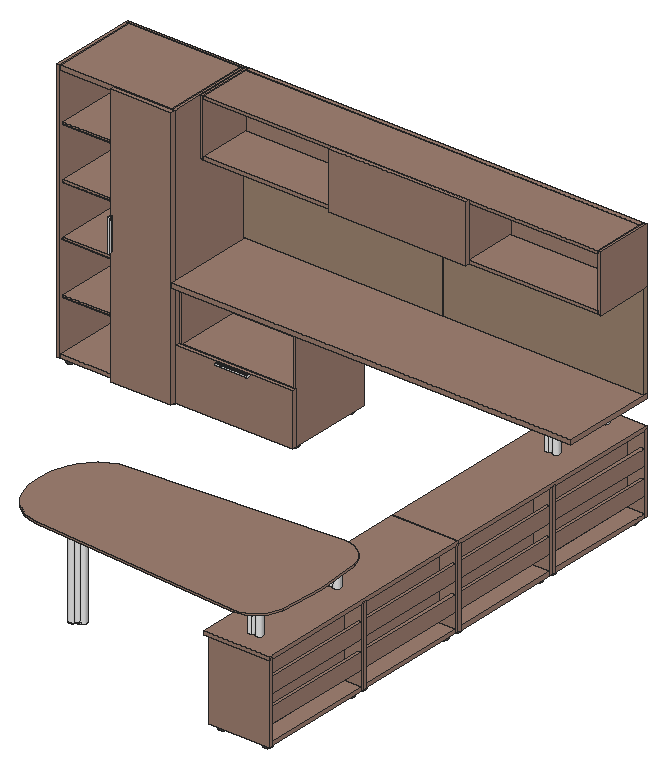
Revit family "APTOS TYPICAL APTOS007", category Furniture, Revit 2015 (continued)
Definition of nested family "APTOS LOW HEIGHT MODULAR PEDESTAL OPEN 18IN Depth"
  Forms (in)
    Extrusion 3, solid, material <- "Board Material"
      sketch origin (0, 0, 0) x (1, 0, 0) y (0, 1, 0)
        loop
          line (-17.25, 0) -> (-17.25, -15.5) -> (17.25, -15.5) -> (17.25, 0) -> (-17.25, 0)
      from 1.5 to 2.5
    Revolve 4, solid, material <- "Leg Caps Material"
      sketch origin (0, -2, 0) x (-1, 0, 0) y (0, 0, 1)
        loop
          line (15, 0.28743) -> (15.5, 0.28743)
          arc (15.5, 0.28743) -> (15.35629, 0.14371) -> (15.5, 0) r 0.14371
          line (15.5, 0) -> (16, 0) -> (16, 1.5) -> (15, 1.5) -> (15, 0.28743)
        axis (16, 1.5) -> (16, 0)
      angle from 0 to 360
    Revolve 5, solid, material <- "Leg Caps Material"
      sketch origin (0, -2, 0) x (1, 0, 0) y (0, 0, -1)
        loop
          line (15, -0.28743) -> (15, -1.5) -> (16, -1.5) -> (16, 0) -> (15.5, 0)
          arc (15.5, 0) -> (15.35629, -0.14371) -> (15.5, -0.28743) r 0.14371
          line (15.5, -0.28743) -> (15, -0.28743)
        axis (16, -1.5) -> (16, 0)
      angle from 0 to 360
    Revolve 6, solid, material <- "Leg Caps Material"
      sketch origin (0, -13.5, 0) x (-1, 0, 0) y (0, 0, -1)
        loop
          line (15, -0.28743) -> (15, -1.5) -> (16, -1.5) -> (16, 0) -> (15.5, 0)
          arc (15.5, 0) -> (15.35629, -0.14371) -> (15.5, -0.28743) r 0.14371
          line (15.5, -0.28743) -> (15, -0.28743)
        axis (16, -1.5) -> (16, 0)
      angle from 0 to 360
    Revolve 7, solid, material <- "Leg Caps Material"
      sketch origin (0, -13.5, 0) x (1, 0, 0) y (0, 0, 1)
        loop
          line (15, 0.28743) -> (15.5, 0.28743)
          arc (15.5, 0.28743) -> (15.35629, 0.14371) -> (15.5, 0) r 0.14371
          line (15.5, 0) -> (16, 0) -> (16, 1.5) -> (15, 1.5) -> (15, 0.28743)
        axis (16, 1.5) -> (16, 0)
      angle from 0 to 360
    Extrusion 8, solid, material <- "Board Material"
      sketch origin (0, 27.875, 0) x (1, 0, 0) y (0, 1, 0)
        loop
          line (-17.25, -32.3125) -> (-17.25, -33.0625) -> (17.25, -33.0625) -> (17.25, -32.3125) -> (-17.25, -32.3125)
      from 2.5 to 20.7495
    Extrusion 9, solid, material <- "Board Material"
      sketch origin (0, 0, 0) x (0, 1, 0) y (0, 0, 1)
        loop
          line (-5.1875, 15.5) -> (-14.75, 15.5) -> (-14.75, 15.125) -> (-14.125, 14.625) -> (-5.1875, 14.625) -> (-5.1875, 15.5)
      from -17.25 to 17.25
    Extrusion 10, solid, material <- "Board Material"
      sketch origin (0, 0, 0) x (0, 1, 0) y (0, 0, 1)
        loop
          line (-9.07873, 21.5) -> (-13.13675, 21.5) -> (-13.13675, 20.7495) -> (-9.07873, 20.7495) -> (-9.07873, 21.5)
        loop
          line (-1.05541, 21.5) -> (-5.1875, 21.5) -> (-5.1875, 20.7495) -> (-1.05541, 20.7495) -> (-1.05541, 21.5)
        loop
          line (0, 17.312) -> (-0.75, 17.312) -> (-0.75, 13.437) -> (0, 13.437) -> (0, 17.312)
        loop
          line (0, 10.3745) -> (-0.75, 10.3745) -> (-0.75, 6.437) -> (0, 6.437) -> (0, 10.3745)
      from -17.25 to 17.25
  Dimensions and locks (in)
    equal spacing: plane 4 "Left End", plane 3 "Center Left/Right", plane 6 "Right End"
    "Width": plane 4 "Left End" to plane 6 "Right End"
    "Height": plane 8 "Height Top" to level
    "Board Thick Sides": plane 4 "Left End" to plane 9
    "Board Thick Sides": plane 10 to plane 6 "Right End"
    "Board Thick Shelfs": plane 12 to plane 11
    "Board Thick Top and Bot": plane 14 to plane 13
    "Bottom Board Offset": plane 13 to level
    "Board Thick Front": plane 15 to plane 5 "Front End"
    "Leg Offset": plane 18 to plane 5 "Front End"
    "Leg Offset": plane 19 to plane 5 "Front End"
    "Leg Offset": plane 16 to plane 7 "Back End"
    "Leg Offset": plane 17 to plane 7 "Back End"
    "Leg Offset": plane 4 "Left End" to plane 20
    "Leg Offset": plane 21 to plane 6 "Right End"
    "Leg Offset": plane 22 to plane 6 "Right End"
    "Leg Offset": plane 4 "Left End" to plane 23
    "Shelf Height": plane 12 to plane 14
    "Handle Lengh": plane 24 to plane 25
    "Board Thick Back": plane 26 to plane 1 "Center Front/Back"
    "Depth": plane 5 "Front End" to plane 1 "Center Front/Back"
    equal spacing: plane 24, plane 3 "Center Left/Right", plane 25
    "Board Thick Top": plane 8 "Height Top" to plane 27
    "Board Thick Back": plane 29 to plane 28
    aligned and locked: level to plane 2
    aligned and locked: plane 5 "Front End" to Extrusion 1 sketch curve
    aligned and locked: plane 4 "Left End" to Extrusion 1 sketch curve
    aligned and locked: Extrusion 1 sketch curve to plane 9
    aligned and locked: Extrusion 2 to plane 5 "Front End"
    aligned and locked: plane 10 to Extrusion 2
    aligned and locked: Extrusion 2 to plane 6 "Right End"
    aligned and locked: plane 13 to Extrusion 2
    aligned and locked: plane 10 to Extrusion 3 sketch curve
    aligned and locked: plane 9 to Extrusion 3 sketch curve
    aligned and locked: plane 17 to Revolve 4
    aligned and locked: Revolve 5 to plane 16
    aligned and locked: plane 19 to Revolve 7
    aligned and locked: Revolve 6 to plane 18
    aligned and locked: Extrusion 3 to plane 14
    aligned and locked: Extrusion 3 to plane 13
    aligned and locked: Extrusion 1 to plane 1 "Center Front/Back"
    aligned and locked: Extrusion 2 to plane 1 "Center Front/Back"
    aligned and locked: Extrusion 3 to plane 1 "Center Front/Back"
    aligned and locked: Extrusion 1 to plane 13
    aligned and locked: plane 8 "Height Top" to Extrusion 1
    aligned and locked: plane 8 "Height Top" to Extrusion 2
    aligned and locked: Extrusion 8 to plane 10
    aligned and locked: Extrusion 8 to plane 9
    aligned and locked: Extrusion 8 to Extrusion 3
    aligned and locked: Extrusion 9 to plane 9
    aligned and locked: Extrusion 9 to plane 10
    aligned and locked: Extrusion 8 to plane 28
    aligned and locked: plane 29 to Extrusion 8
    aligned and locked: Extrusion 8 to plane 27
    aligned and locked: plane 7 "Back End" to Extrusion 10 sketch curve  (x2)
    aligned and locked: plane 26 to Extrusion 10 sketch curve  (x2)
    aligned and locked: Extrusion 10 sketch curve to plane 8 "Height Top"  (x2)
    aligned and locked: Extrusion 10 sketch curve to plane 27  (x2)
    aligned and locked: plane 28 to Extrusion 10 sketch curve
    aligned and locked: Extrusion 10 to plane 9
    aligned and locked: Extrusion 10 to plane 10
    aligned and locked: Extrusion 9 sketch curve to plane 12
    aligned and locked: plane 11 to Extrusion 9 sketch curve
    aligned and locked: Extrusion 9 sketch curve to plane 28
    aligned and locked: Extrusion 9 sketch curve to plane 15
  Automatic sketch dimensions
    plane 1 "Center Front/Back" to Extrusion 1 sketch curve = 0"
    Extrusion 2 sketch curve to plane 5 "Front End" = 0"
    Extrusion 2 sketch curve to plane 6 "Right End" = 0"
    Extrusion 2 sketch curve to plane 10 = 0"
    plane 1 "Center Front/Back" to Extrusion 2 sketch curve = 0"
    Extrusion 3 sketch curve to plane 5 "Front End" = 0"
    plane 1 "Center Front/Back" to Extrusion 3 sketch curve = 0"
    Revolve 4 sketch curve to plane 13 = 0"
    Revolve 4 sketch curve to level = 0"
    plane 20 to Revolve 4 sketch curve = 0"  (x2)
    level to Revolve 4 sketch curve = 0.28743"
    Revolve 4 sketch curve to Revolve 4 sketch curve = 1/2"  (x3)
    Revolve 4 sketch curve to Revolve 4 sketch curve = 0"
    level to Revolve 4 sketch curve = 0.14371"
    Revolve 4 sketch curve to plane 14 = 1/4"
    Revolve 5 sketch curve to plane 13 = 0"
    Revolve 5 sketch curve to level = 0"
    Revolve 5 sketch curve to plane 21 = 0"  (x2)
    level to Revolve 5 sketch curve = 0.28743"
    Revolve 5 sketch curve to Revolve 5 sketch curve = 1/2"  (x2)
    Revolve 5 sketch curve to Revolve 5 sketch curve = 0"  (x2)
    Revolve 5 sketch curve to plane 14 = 1/4"
    Revolve 5 sketch curve to level = 1/2"
    Revolve 6 sketch curve to plane 13 = 0"
    Revolve 6 sketch curve to level = 0"
    plane 20 to Revolve 6 sketch curve = 0"  (x2)
    level to Revolve 6 sketch curve = 0.28743"
    Revolve 6 sketch curve to plane 20 = 1/2"
    Revolve 6 sketch curve to Revolve 6 sketch curve = 1/2"
    Revolve 6 sketch curve to Revolve 6 sketch curve = 0"  (x2)
    Revolve 6 sketch curve to plane 14 = 1/4"
    Revolve 6 sketch curve to level = 1/2"
    Revolve 7 sketch curve to plane 13 = 0"
    Revolve 7 sketch curve to level = 0"
    Revolve 7 sketch curve to plane 21 = 0"  (x2)
    level to Revolve 7 sketch curve = 0.28743"
    Revolve 7 sketch curve to plane 21 = 1/2"
    Revolve 7 sketch curve to Revolve 7 sketch curve = 1/2"  (x2)
    Revolve 7 sketch curve to Revolve 7 sketch curve = 0"
    level to Revolve 7 sketch curve = 0.14371"
    Revolve 7 sketch curve to plane 14 = 1/4"
    plane 4 "Left End" to Extrusion 8 sketch curve = 3/4"
    plane 6 "Right End" to Extrusion 8 sketch curve = 3/4"
    Extrusion 8 sketch curve to plane 26 = 4 7/16"
    plane 1 "Center Front/Back" to Extrusion 8 sketch curve = 4 7/16"
    Extrusion 10 sketch curve to plane 18 = 0.36325"
    plane 14 to Extrusion 10 sketch curve = 3.937"
    Extrusion 10 sketch curve to Extrusion 10 sketch curve = 4.05803"
    Extrusion 10 sketch curve to plane 26 = 0.30541"
    Extrusion 10 sketch curve to plane 11 = 4.2505"
    Extrusion 10 sketch curve to plane 11 = 1.188"
    plane 12 to Extrusion 10 sketch curve = 1.812"
    plane 18 to Extrusion 9 sketch curve = 5/8"
    Extrusion 9 sketch curve to plane 12 = 3/8"
Definition of nested family "APTOS MODULAR CABINET TOP"
  Parameters
    Width = 96"
    URL = "http://ofsbrands.com"
    Table Material = none
    Depth = 24"
    Model = "34-9624MCT"
    Manufacturer = "OFS"
    Height = 1 3/16"
    Description = "OFS BRANDS OFS APTOS APTOS MODULAR CABINET TOP 96\" x 24\", 1.1875\" thick with Square Profile on User Side"
    Copyright © = "© OFS BRANDS 2017"
    Catalog = "APTOS http://ofsbrands.com/products/casegoods/private-office/aptos"
    Bottom Board Offset = 28 5/16"
    Authoring Version = "Autodesk Revit Architecture 2013"
    Assembly Code = "E2020200"
  Reference planes (in)
    plane 1 "Back End": y = -12
    plane 2: z = 0
    plane 3 "Center Left/Right": x = 0
    plane 4 "Left End": x = -48
    plane 5 "Front End": y = -36
    plane 6 "Right End": x = 48
    plane 7 "Height Top": z = 29.5
    plane 8: z = 28.3125
    plane 9 "Center Front/Back": y = -24
  Forms (in)
    Extrusion 1, solid, material <- "Table Material"
      sketch origin (0, 0, 0) x (1, 0, 0) y (0, 1, 0)
        loop
          line (-48, -12) -> (-48, -36) -> (48, -36) -> (48, -12) -> (-48, -12)
      from 28.3125 to 29.5
  Dimensions and locks (in)
    "Height": plane 7 "Height Top" to plane 8
    "Bottom Board Offset": plane 8 to level
    "Depth": plane 5 "Front End" to plane 1 "Back End"
    equal spacing: plane 4 "Left End", plane 3 "Center Left/Right", plane 6 "Right End"
    "Width": plane 4 "Left End" to plane 6 "Right End"
    equal spacing: plane 5 "Front End", plane 9 "Center Front/Back", plane 1 "Back End"
    aligned and locked: level to plane 2
    aligned and locked: plane 1 "Back End" to Extrusion 1 sketch curve
    aligned and locked: Extrusion 1 sketch curve to plane 4 "Left End"
    aligned and locked: Extrusion 1 sketch curve to plane 5 "Front End"
    aligned and locked: plane 6 "Right End" to Extrusion 1 sketch curve
    aligned and locked: Extrusion 1 to plane 7 "Height Top"
    aligned and locked: Extrusion 1 to plane 8
Definition of nested family "APTOS WORKSURFACE HEIGHT MODULAR PEDESTAL OPEN-FILE 30-36IN"
  Parameters
    Width = 30"
    URL = "http://ofsbrands.com"
    Shelf Height = 13 3/16"
    Handle Lengh = 8 1/8"
    Drawer Gap = 1/8"
    Door Handle Material = none
    Board Thick Top = 3/4"
    Board Thick Door = 1 1/8"
    Depth = 22 5/8"
    Board Material = none
    Model = "34-W3024MPD9"
    Manufacturer = "OFS"
    Leg Caps Material = none
    Leg Offset = 2"
    Height = 28 5/16"
    Description = "APTOS WORKSURFACE HEIGHT MODULAR PEDESTAL OPEN-FILE 30\" Width, 24\" Depth, One Open Shelf with 11.9375\" Clearance, One Lateral File Drawer"
    Copyright © = "© OFS BRANDS 2017"
    Catalog = "APTOS http://ofsbrands.com/products/casegoods/private-office/aptos"
    Bottom Board Offset = 1 1/2"
    Board Thick Bot = 1"
    Board Thick Shelfs = 1"
    Board Thick Sides = 3/4"
    Board Thick Front = 3/4"
    Board Thick Back = 3/4"
    Authoring Version = "Autodesk Revit Architecture 2013"
    Assembly Code = "E2020200"
  Reference planes (in)
    plane 1 "Center Front/Back": y = 0
    plane 2: z = 0
    plane 3 "Center Left/Right": x = 0
    plane 4 "Left End": x = -15
    plane 5 "Front End": y = -21.5
    plane 6 "Right End": x = 15
    plane 7 "Back End": y = 0
    plane 8: x = -14.25
    plane 9: x = 14.25
    plane 10: z = 14.6875
    plane 11: z = 15.6875
    plane 12: z = 1.5
    plane 13: z = 2.5
    plane 14: y = -20.75
    plane 15: y = -2
    plane 16: y = -2
    plane 17: y = -19.5
    plane 18: y = -19.5
    plane 19: x = -13
    plane 20: x = 13
    plane 21: x = 13
    plane 22: x = -13
    plane 23: y = -22.625
    plane 24: z = 14.8125
    plane 25: x = -4.0625
    plane 26: x = 4.0625
    plane 27: y = -0.75
    plane 28: z = 28.3125
    plane 29: z = 27.5625
    plane 30: z = 13.6875
  Forms (in)
    Extrusion 1, solid, material <- "Board Material"
      sketch origin (0, 0, 0) x (1, 0, 0) y (0, 1, 0)
        loop
          line (-15, 0) -> (-15, -21.5) -> (-14.25, -21.5) -> (-14.25, 0) -> (-15, 0)
      from 1.5 to 28.3125
    Extrusion 2, solid, material <- "Board Material"
      sketch origin (0, 0, 0) x (-1, 0, 0) y (0, -1, 0)
        loop
          line (-15, 0) -> (-14.25, 0) -> (-14.25, 21.5) -> (-15, 21.5) -> (-15, 0)
      from 1.5 to 28.3125
    Extrusion 3, solid, material <- "Board Material"
      sketch origin (0, 0, 0) x (1, 0, 0) y (0, 1, 0)
        loop
          line (-14.25, 0) -> (-14.25, -21.5) -> (14.25, -21.5) -> (14.25, 0) -> (-14.25, 0)
      from 1.5 to 2.5
    Revolve 4, solid, material <- "Leg Caps Material"
      sketch origin (0, -2, 0) x (-1, 0, 0) y (0, 0, 1)
        loop
          line (12, 0.28743) -> (12.5, 0.28743)
          arc (12.5, 0.28743) -> (12.35629, 0.14371) -> (12.5, 0) r 0.14371
          line (12.5, 0) -> (13, 0) -> (13, 1.5) -> (12, 1.5) -> (12, 0.28743)
        axis (13, 1.5) -> (13, 0)
      angle from 0 to 360
    Revolve 5, solid, material <- "Leg Caps Material"
      sketch origin (0, -2, 0) x (1, 0, 0) y (0, 0, -1)
        loop
          line (12, -0.28743) -> (12, -1.5) -> (13, -1.5) -> (13, 0) -> (12.5, 0)
          arc (12.5, 0) -> (12.35629, -0.14371) -> (12.5, -0.28743) r 0.14371
          line (12.5, -0.28743) -> (12, -0.28743)
        axis (13, -1.5) -> (13, 0)
      angle from 0 to 360
    Revolve 6, solid, material <- "Leg Caps Material"
      sketch origin (0, -19.5, 0) x (-1, 0, 0) y (0, 0, -1)
        loop
          line (12, -0.28743) -> (12, -1.5) -> (13, -1.5) -> (13, 0) -> (12.5, 0)
          arc (12.5, 0) -> (12.35629, -0.14371) -> (12.5, -0.28743) r 0.14371
          line (12.5, -0.28743) -> (12, -0.28743)
        axis (13, -1.5) -> (13, 0)
      angle from 0 to 360
    Revolve 7, solid, material <- "Leg Caps Material"
      sketch origin (0, -19.5, 0) x (1, 0, 0) y (0, 0, 1)
        loop
          line (12, 0.28743) -> (12.5, 0.28743)
          arc (12.5, 0.28743) -> (12.35629, 0.14371) -> (12.5, 0) r 0.14371
          line (12.5, 0) -> (13, 0) -> (13, 1.5) -> (12, 1.5) -> (12, 0.28743)
        axis (13, 1.5) -> (13, 0)
      angle from 0 to 360
    Extrusion 8, solid, material <- "Board Material"
      sketch origin (0, 27.875, 0) x (1, 0, 0) y (0, 1, 0)
        loop
          line (-14.25, -27.875) -> (-14.25, -28.625) -> (14.25, -28.625) -> (14.25, -27.875) -> (-14.25, -27.875)
      from 20.312 to 24.312
    Extrusion 9, solid, material <- "Board Material"
      sketch origin (0, 0, 0) x (1, 0, 0) y (0, 1, 0)
        loop
          line (15, -21.5) -> (-15, -21.5) -> (-15, -22.625) -> (15, -22.625) -> (15, -21.5)
      from 1.5 to 14.6875
    Extrusion 10, solid, material <- "Door Handle Material"
      sketch origin (0, 7.01942, -2.70267) x (0, 1, 0) y (0, 0, 1)
        loop
          arc (-30.44863, 17.3872) -> (-30.63506, 17.20076) -> (-30.44863, 17.01433) r 0.18644
          arc (-30.44863, 17.01433) -> (-30.36853, 17.01913) -> (-30.28958, 17.03348) r 0.66994
          arc (-30.28958, 17.03348) -> (-30.06675, 17.06125) -> (-29.84329, 17.03915) r 1.01098
          arc (-29.84329, 17.03915) -> (-29.74439, 17.02301) -> (-29.64442, 17.01609) r 1.08212
          line (-29.64442, 17.01609) -> (-29.64442, 17.39017)
          arc (-29.64442, 17.39017) -> (-29.74475, 17.37561) -> (-29.84329, 17.35174) r 1.08374
          arc (-29.84329, 17.35174) -> (-30.06697, 17.32316) -> (-30.28958, 17.35914) r 0.78757
          arc (-30.28958, 17.35914) -> (-30.36779, 17.38063) -> (-30.44863, 17.3872) r 0.43385
      from -4.0625 to 4.0625
    Extrusion 11, solid, material <- "Board Material"
      sketch origin (0, 0.67064, 0) x (1, 0, 0) y (0, 1, 0)
        loop
          line (-14.25, -1.85814) -> (-14.25, -5.85814) -> (14.25, -5.85814) -> (14.25, -1.85814) -> (-14.25, -1.85814)
      from 28.3125 to 27.5625
    Extrusion 12, solid, material <- "Board Material"
      sketch origin (0, -19.875, 0) x (1, 0, 0) y (0, 1, 0)
        loop
          line (-14.25, 4.75) -> (-14.25, 0.7511) -> (14.25, 0.7511) -> (14.25, 4.75) -> (-14.25, 4.75)
      from 28.3125 to 27.5625
    Extrusion 13, solid, material <- "Board Material"
      sketch origin (0, 27.875, -13.875) x (1, 0, 0) y (0, 1, 0)
        loop
          line (-14.25, -27.875) -> (-14.25, -28.625) -> (14.25, -28.625) -> (14.25, -27.875) -> (-14.25, -27.875)
      from 20.312 to 24.312
    Extrusion 14, solid, material <- "Board Material"
      sketch origin (0, 0, 0) x (0, 1, 0) y (0, 0, 1)
        loop
          line (-4.44535, 27.5625) -> (-5.19535, 27.5625) -> (-5.19535, 14.6875) -> (-21.5, 14.6875) -> (-21.5, 13.6875) -> (-5.19535, 13.6875) -> (-5.19535, 2.5) -> (-4.44535, 2.5) -> (-4.44535, 27.5625)
      from -14.25 to 14.25
  Dimensions and locks (in)
    equal spacing: plane 4 "Left End", plane 3 "Center Left/Right", plane 6 "Right End"
    "Width": plane 4 "Left End" to plane 6 "Right End"
    "Height": plane 28 to level
    "Board Thick Sides": plane 4 "Left End" to plane 8
    "Board Thick Sides": plane 9 to plane 6 "Right End"
    "Board Thick Shelfs": plane 11 to plane 10
    "Board Thick Bot": plane 13 to plane 12
    "Bottom Board Offset": plane 12 to level
    "Board Thick Front": plane 14 to plane 5 "Front End"
    "Leg Offset": plane 17 to plane 5 "Front End"
    "Leg Offset": plane 18 to plane 5 "Front End"
    "Leg Offset": plane 15 to plane 7 "Back End"
    "Leg Offset": plane 16 to plane 7 "Back End"
    "Leg Offset": plane 4 "Left End" to plane 19
    "Leg Offset": plane 20 to plane 6 "Right End"
    "Leg Offset": plane 21 to plane 6 "Right End"
    "Leg Offset": plane 4 "Left End" to plane 22
    "Board Thick Door": plane 23 to plane 5 "Front End"
    "Shelf Height": plane 11 to plane 13
    "Drawer Gap": plane 24 to plane 10
    "Handle Lengh": plane 25 to plane 26
    "Board Thick Back": plane 27 to plane 1 "Center Front/Back"
    "Depth": plane 23 to plane 1 "Center Front/Back"
    equal spacing: plane 25, plane 3 "Center Left/Right", plane 26
    "Board Thick Top": plane 28 to plane 29
    "Board Thick Shelfs": plane 10 to plane 30
    aligned and locked: level to plane 2
    aligned and locked: plane 5 "Front End" to Extrusion 1 sketch curve
    aligned and locked: plane 4 "Left End" to Extrusion 1 sketch curve
    aligned and locked: Extrusion 1 sketch curve to plane 8
    aligned and locked: Extrusion 2 to plane 5 "Front End"
    aligned and locked: plane 9 to Extrusion 2
    aligned and locked: Extrusion 2 to plane 6 "Right End"
    aligned and locked: Extrusion 2 to plane 12
    aligned and locked: plane 9 to Extrusion 3 sketch curve
    aligned and locked: Extrusion 3 sketch curve to plane 8
    aligned and locked: plane 16 to Revolve 4
    aligned and locked: Revolve 5 to plane 15
    aligned and locked: plane 18 to Revolve 7
    aligned and locked: plane 17 to Revolve 6
    aligned and locked: plane 13 to Extrusion 3
    aligned and locked: Extrusion 3 to plane 12
    aligned and locked: Extrusion 9 to plane 12
    aligned and locked: Extrusion 9 to plane 6 "Right End"
    aligned and locked: Extrusion 9 to plane 10
    aligned and locked: Extrusion 10 to plane 26
    aligned and locked: Extrusion 10 to plane 25
    aligned and locked: Extrusion 8 to plane 27
    aligned and locked: Extrusion 8 to plane 1 "Center Front/Back"
    aligned and locked: Extrusion 1 to plane 12
    aligned and locked: Extrusion 9 to plane 4 "Left End"
    aligned and locked: plane 28 to Extrusion 2
    aligned and locked: plane 28 to Extrusion 1
    aligned and locked: Extrusion 1 to plane 7 "Back End"
    aligned and locked: Extrusion 2 to plane 7 "Back End"
    aligned and locked: Extrusion 3 to plane 7 "Back End"
    aligned and locked: Extrusion 8 to plane 8
    aligned and locked: Extrusion 8 to plane 9
    aligned and locked: Extrusion 14 to plane 8
    aligned and locked: Extrusion 14 to plane 9
  Automatic sketch dimensions
    plane 1 "Center Front/Back" to Extrusion 1 sketch curve = 0"
    Extrusion 2 sketch curve to plane 5 "Front End" = 0"
    Extrusion 2 sketch curve to plane 6 "Right End" = 0"
    Extrusion 2 sketch curve to plane 9 = 0"
    plane 1 "Center Front/Back" to Extrusion 2 sketch curve = 0"
    Extrusion 3 sketch curve to plane 5 "Front End" = 0"
    plane 1 "Center Front/Back" to Extrusion 3 sketch curve = 0"
    Revolve 4 sketch curve to plane 12 = 0"
    Revolve 4 sketch curve to level = 0"
    plane 19 to Revolve 4 sketch curve = 0"  (x2)
    level to Revolve 4 sketch curve = 0.28743"
    Revolve 4 sketch curve to plane 19 = 1/2"
    Revolve 4 sketch curve to Revolve 4 sketch curve = 1/2"  (x2)
    Revolve 4 sketch curve to Revolve 4 sketch curve = 0"
    level to Revolve 4 sketch curve = 0.14371"
    Revolve 4 sketch curve to plane 13 = 1/4"
    Revolve 5 sketch curve to plane 12 = 0"
    Revolve 5 sketch curve to level = 0"
    Revolve 5 sketch curve to plane 20 = 0"  (x2)
    level to Revolve 5 sketch curve = 0.28743"
    Revolve 5 sketch curve to Revolve 5 sketch curve = 1/2"  (x3)
    Revolve 5 sketch curve to Revolve 5 sketch curve = 0"  (x2)
    Revolve 5 sketch curve to plane 13 = 1/4"
    Revolve 6 sketch curve to plane 12 = 0"
    Revolve 6 sketch curve to level = 0"
    plane 19 to Revolve 6 sketch curve = 0"  (x2)
    level to Revolve 6 sketch curve = 0.28743"
    Revolve 6 sketch curve to plane 19 = 1/2"
    Revolve 6 sketch curve to Revolve 6 sketch curve = 1/2"  (x2)
    Revolve 6 sketch curve to Revolve 6 sketch curve = 0"  (x2)
    Revolve 6 sketch curve to plane 13 = 1/4"
    Revolve 7 sketch curve to plane 12 = 0"
    Revolve 7 sketch curve to level = 0"
    Revolve 7 sketch curve to plane 20 = 0"  (x2)
    level to Revolve 7 sketch curve = 0.28743"
    Revolve 7 sketch curve to Revolve 7 sketch curve = 1/2"  (x3)
    Revolve 7 sketch curve to Revolve 7 sketch curve = 0"
    level to Revolve 7 sketch curve = 0.14371"
    Revolve 7 sketch curve to plane 13 = 1/4"
    Extrusion 8 sketch curve to plane 8 = 0"
    Extrusion 8 sketch curve to plane 9 = 0"
    Extrusion 8 sketch curve to plane 27 = 0"
    plane 1 "Center Front/Back" to Extrusion 8 sketch curve = 0"
    Extrusion 9 sketch curve to plane 4 "Left End" = 0"
    Extrusion 9 sketch curve to plane 6 "Right End" = 0"
    plane 23 to Extrusion 9 sketch curve = 0"
    Extrusion 9 sketch curve to plane 5 "Front End" = 0"
    Extrusion 10 sketch curve to plane 10 = 0"
    Extrusion 10 sketch curve to plane 23 = 0"
    Extrusion 10 sketch curve to plane 10 = 0.37408"
    plane 23 to Extrusion 10 sketch curve = 0.80421"
    Extrusion 10 sketch curve to Extrusion 10 sketch curve = 0.00546"
    Extrusion 10 sketch curve to plane 10 = 0.03103"
    Extrusion 10 sketch curve to Extrusion 10 sketch curve = 0.15905"  (x2)
    plane 23 to Extrusion 10 sketch curve = 0.4095"  (x2)
    Extrusion 10 sketch curve to plane 11 = 0.27955"
    Extrusion 10 sketch curve to plane 10 = 0.03843"
    plane 23 to Extrusion 10 sketch curve = 0.19887"
    Extrusion 10 sketch curve to plane 23 = 0.02468"
    Extrusion 10 sketch curve to plane 23 = 0.10528"
    Extrusion 10 sketch curve to Extrusion 10 sketch curve = 0.2612"
    Extrusion 10 sketch curve to Extrusion 10 sketch curve = 0.40575"
    Extrusion 10 sketch curve to Extrusion 10 sketch curve = 0.06095"
    Extrusion 10 sketch curve to Extrusion 10 sketch curve = 0"
    Extrusion 10 sketch curve to Extrusion 10 sketch curve = 0.01915"
    Extrusion 11 sketch curve to plane 8 = 0"
    Extrusion 11 sketch curve to plane 9 = 0"
    Extrusion 11 sketch curve to plane 15 = 3 3/16"
    Extrusion 11 sketch curve to plane 27 = 7/16"
    Extrusion 12 sketch curve to plane 8 = 0"
    Extrusion 12 sketch curve to plane 9 = 0"
    Extrusion 12 sketch curve to plane 17 = 0.3761"
    Extrusion 12 sketch curve to Extrusion 12 sketch curve = 3.9989"
    Extrusion 13 sketch curve to plane 8 = 0"
    Extrusion 13 sketch curve to plane 9 = 0"
    Extrusion 13 sketch curve to plane 27 = 0"
    plane 1 "Center Front/Back" to Extrusion 13 sketch curve = 0"
    Extrusion 14 sketch curve to plane 5 "Front End" = 0"
    plane 30 to Extrusion 14 sketch curve = 0"
    Extrusion 14 sketch curve to plane 13 = 0"
    Extrusion 14 sketch curve to plane 29 = 0"
    Extrusion 14 sketch curve to Extrusion 14 sketch curve = 3/4"
    Extrusion 14 sketch curve to plane 10 = 0"
    Extrusion 14 sketch curve to plane 15 = 3.19535"  (x2)
Definition of nested family "APTOS TALL OPEN STORAGE WITH HINGED DOOR 24IN DEPTH"
  Parameters
    Width = 36"
    URL = "http://ofsbrands.com"
    Handle Lengh = 8 1/4"
    Half Door Right = yes
    Half Door Left = no
    Half Door = yes
    Door Handle Material = none
    Board Thick Door = 1 1/8"
    Depth = 23 7/8"
    Board Material = none
    Model = "34-3668RSC1"
    Manufacturer = "OFS"
    Leg Caps Material = none
    Leg Offset = 2"
    Board Thick Internal = 3/4"
    Height = 68 1/4"
    Description = "OFS BRANDS OFS APTOS TALL OPEN STORAGE WITH HINGED DOOR 36\" Wide 24\" Planning Depth Single Hinged Door Right with Optional Pull, Coat Hook or Hang Rod,Three Adjustable 1\" Thick Shelves with Beveled Edge and One Fixed Shelf per Section"
    Copyright © = "© OFS BRANDS 2017"
    Catalog = "APTOS http://ofsbrands.com/products/casegoods/private-office/aptos"
    Bottom Board Offset = 1 1/2"
    Board Thick Top and Bot = 1"
    Board Thick Shelfs = 1"
    Board Thick Sides = 3/4"
    Board Thick Front = 3/4"
    Board Thick Back = 3/4"
    Authoring Version = "Autodesk Revit Architecture 2013"
    Assembly Code = "E2020200"
  Reference planes (in)
    plane 1 "Center Front/Back": y = 0
    plane 2: z = 0
    plane 3 "Center Left/Right": x = 0
    plane 4 "Left End": x = -18
    plane 5 "Front End": y = -22.75
    plane 6 "Right End": x = 18
    plane 7 "Back End": y = 0
    plane 8 "Height Top": z = 68.25
    plane 9: x = -17.25
    plane 10: x = 17.25
    plane 11: z = 14.65
    plane 12: z = 15.65
    plane 13: z = 67.25
    plane 14: z = 1.5
    plane 15: z = 2.5
    plane 16: y = -22
    plane 17: y = -2
    plane 18: y = -2
    plane 19: y = -20.75
    plane 20: y = -20.75
    plane 21: x = -16
    plane 22: x = 16
    plane 23: x = 16
    plane 24: x = -16
    plane 25: x = -0.375
    plane 26: x = 0.375
    plane 27: y = -23.875
    plane 28: y = -0.75
    plane 29: z = 27.8
    plane 30: z = 28.8
    plane 31: z = 40.95
    plane 32: z = 41.95
    plane 33: z = 54.1
    plane 34: z = 55.1
  Forms (in)
    Extrusion 1, solid, material <- "Board Material"
      sketch origin (0, 0, 0) x (1, 0, 0) y (0, 1, 0)
        loop
          line (-18, -0.75) -> (-18, -22.75) -> (-17.25, -22.75) -> (-17.25, -0.75) -> (-18, -0.75)
      from 1.5 to 68.25
    Extrusion 2, solid, material <- "Board Material"
      sketch origin (0, 0, 0) x (-1, 0, 0) y (0, -1, 0)
        loop
          line (-18, 0.75) -> (-17.25, 0.75) -> (-17.25, 22.75) -> (-18, 22.75) -> (-18, 0.75)
      from 1.5 to 68.25
    Extrusion 3, solid, material <- "Board Material"
      sketch origin (0, 0, 0) x (1, 0, 0) y (0, 1, 0)
        loop
          line (-17.25, -0.75) -> (-17.25, -22.75) -> (17.25, -22.75) -> (17.25, -0.75) -> (-17.25, -0.75)
      from 1.5 to 2.5
    Extrusion 4, solid, material <- "Board Material"
      sketch origin (0, 0, 0) x (1, 0, 0) y (0, 1, 0)
        loop
          line (-17.25, -0.75) -> (-17.25, -22.75) -> (17.25, -22.75) -> (17.25, -0.75) -> (-17.25, -0.75)
      from 67.25 to 68.25
    Revolve 5, solid, material <- "Leg Caps Material"
      sketch origin (0, -2, 0) x (-1, 0, 0) y (0, 0, 1)
        loop
          line (15, 0.28743) -> (15.5, 0.28743)
          arc (15.5, 0.28743) -> (15.35629, 0.14371) -> (15.5, 0) r 0.14371
          line (15.5, 0) -> (16, 0) -> (16, 1.5) -> (15, 1.5) -> (15, 0.28743)
        axis (16, 1.5) -> (16, 0)
      angle from 0 to 360
    Revolve 6, solid, material <- "Leg Caps Material"
      sketch origin (0, -2, 0) x (1, 0, 0) y (0, 0, -1)
        loop
          line (15, -0.28743) -> (15, -1.5) -> (16, -1.5) -> (16, 0) -> (15.5, 0)
          arc (15.5, 0) -> (15.35629, -0.14371) -> (15.5, -0.28743) r 0.14371
          line (15.5, -0.28743) -> (15, -0.28743)
        axis (16, -1.5) -> (16, 0)
      angle from 0 to 360
    Revolve 7, solid, material <- "Leg Caps Material"
      sketch origin (0, -20.75, 0) x (-1, 0, 0) y (0, 0, -1)
        loop
          line (15, -0.28743) -> (15, -1.5) -> (16, -1.5) -> (16, 0) -> (15.5, 0)
          arc (15.5, 0) -> (15.35629, -0.14371) -> (15.5, -0.28743) r 0.14371
          line (15.5, -0.28743) -> (15, -0.28743)
        axis (16, -1.5) -> (16, 0)
      angle from 0 to 360
    Revolve 8, solid, material <- "Leg Caps Material"
      sketch origin (0, -20.75, 0) x (1, 0, 0) y (0, 0, 1)
        loop
          line (15, 0.28743) -> (15.5, 0.28743)
          arc (15.5, 0.28743) -> (15.35629, 0.14371) -> (15.5, 0) r 0.14371
          line (15.5, 0) -> (16, 0) -> (16, 1.5) -> (15, 1.5) -> (15, 0.28743)
        axis (16, 1.5) -> (16, 0)
      angle from 0 to 360
    Extrusion 9, solid, material <- "Board Material"
      sketch origin (0, 0, 0) x (1, 0, 0) y (0, 1, 0)
        loop
          line (-0.375, -0.75) -> (-0.375, -22.75) -> (0.375, -22.75) -> (0.375, -0.75) -> (-0.375, -0.75)
      from 2.5 to 67.25
    Extrusion 10, solid, material <- "Board Material", visible <- "Half Door Left"
      sketch origin (0, 0, 0) x (1, 0, 0) y (0, 1, 0)
        loop
          line (0.375, -22.75) -> (-18, -22.75) -> (-18, -23.875) -> (0.375, -23.875) -> (0.375, -22.75)
      from 1.5 to 68.25
    Extrusion 11, solid, material <- "Board Material"
      sketch origin (0, 27.875, 0) x (1, 0, 0) y (0, 1, 0)
        loop
          line (-18, -27.875) -> (-18, -28.625) -> (18, -28.625) -> (18, -27.875) -> (-18, -27.875)
      from 1.5 to 68.25
    Extrusion 12, solid, material <- "Board Material", visible <- "Half Door Right"
      sketch origin (0, 0, -0.0375) x (0, 1, 0) y (0, 0, 1)
        loop
          line (-0.75, 15.6875) -> (-22, 15.6875) -> (-22, 15.1875) -> (-21.5, 14.6875) -> (-0.75, 14.6875) -> (-0.75, 15.6875)
      from -17.25 to -0.375
    Extrusion 13, solid, material <- "Board Material", visible <- "Half Door Right"
      sketch origin (0, 0, 0) x (1, 0, 0) y (0, 1, 0)
        loop
          line (18, -22.75) -> (-0.375, -22.75) -> (-0.375, -23.875) -> (18, -23.875) -> (18, -22.75)
      from 1.5 to 68.25
    Extrusion 14, solid, material <- "Board Material", visible <- "Half Door Left"
      sketch origin (0, 0, -0.0375) x (0, 1, 0) y (0, 0, 1)
        loop
          line (-0.75, 15.6875) -> (-22, 15.6875) -> (-22, 15.1875) -> (-21.5, 14.6875) -> (-0.75, 14.6875) -> (-0.75, 15.6875)
      from 0.375 to 17.25
    Extrusion 15, solid, material <- "Board Material", visible <- "Half Door Right"
      sketch origin (0, 0, 13.1125) x (0, 1, 0) y (0, 0, 1)
        loop
          line (-0.75, 15.6875) -> (-22, 15.6875) -> (-22, 15.1875) -> (-21.5, 14.6875) -> (-0.75, 14.6875) -> (-0.75, 15.6875)
      from -17.25 to -0.375
    Extrusion 16, solid, material <- "Board Material", visible <- "Half Door Left"
      sketch origin (0, 0, 13.1125) x (0, 1, 0) y (0, 0, 1)
        loop
          line (-0.75, 15.6875) -> (-22, 15.6875) -> (-22, 15.1875) -> (-21.5, 14.6875) -> (-0.75, 14.6875) -> (-0.75, 15.6875)
      from 0.375 to 17.25
    Extrusion 17, solid, material <- "Board Material", visible <- "Half Door Right"
      sketch origin (0, 0, 26.2625) x (0, 1, 0) y (0, 0, 1)
        loop
          line (-0.75, 15.6875) -> (-22, 15.6875) -> (-22, 15.1875) -> (-21.5, 14.6875) -> (-0.75, 14.6875) -> (-0.75, 15.6875)
      from -17.25 to -0.375
    Extrusion 18, solid, material <- "Board Material", visible <- "Half Door Left"
      sketch origin (0, 0, 26.2625) x (0, 1, 0) y (0, 0, 1)
        loop
          line (-0.75, 15.6875) -> (-22, 15.6875) -> (-22, 15.1875) -> (-21.5, 14.6875) -> (-0.75, 14.6875) -> (-0.75, 15.6875)
      from 0.375 to 17.25
    Extrusion 19, solid, material <- "Board Material", visible <- "Half Door Right"
      sketch origin (0, 0, 39.4125) x (0, 1, 0) y (0, 0, 1)
        loop
          line (-0.75, 15.6875) -> (-22, 15.6875) -> (-22, 15.1875) -> (-21.5, 14.6875) -> (-0.75, 14.6875) -> (-0.75, 15.6875)
      from -17.25 to -0.375
    Extrusion 20, solid, material <- "Board Material", visible <- "Half Door Left"
      sketch origin (0, 0, 39.4125) x (0, 1, 0) y (0, 0, 1)
        loop
          line (-0.75, 15.6875) -> (-22, 15.6875) -> (-22, 15.1875) -> (-21.5, 14.6875) -> (-0.75, 14.6875) -> (-0.75, 15.6875)
      from 0.375 to 17.25
    Extrusion 21, solid, material <- "Door Handle Material", visible <- "Half Door Left"
      sketch origin (-1.27047, -3, 0) x (1, 0, 0) y (0, 1, 0)
        loop
          arc (1.27755, -21.67707) -> (1.46398, -21.8635) -> (1.65042, -21.67707) r 0.18644
          arc (1.65042, -21.67707) -> (1.63824, -21.56084) -> (1.60223, -21.44966) r 0.56062
          arc (1.60223, -21.44966) -> (1.56017, -21.1973) -> (1.64547, -20.95609) r 0.512
          line (1.64547, -20.95609) -> (1.64547, -20.875) -> (1.28249, -20.875) -> (1.28249, -20.95609)
          arc (1.28249, -20.95609) -> (1.36779, -21.1973) -> (1.32574, -21.44966) r 0.512
          arc (1.32574, -21.44966) -> (1.28973, -21.56084) -> (1.27755, -21.67707) r 0.56062
      from 31.17725 to 39.4335
    Extrusion 22, solid, material <- "Door Handle Material", visible <- "Half Door Right"
      sketch origin (1.27047, -3, 0) x (-1, 0, 0) y (0, -1, 0)
        loop
          arc (1.27755, 21.67707) -> (1.28973, 21.56084) -> (1.32574, 21.44966) r 0.56062
          arc (1.32574, 21.44966) -> (1.36779, 21.1973) -> (1.28249, 20.95609) r 0.512
          line (1.28249, 20.95609) -> (1.28249, 20.875) -> (1.64547, 20.875) -> (1.64547, 20.95609)
          arc (1.64547, 20.95609) -> (1.56017, 21.1973) -> (1.60223, 21.44966) r 0.512
          arc (1.60223, 21.44966) -> (1.63824, 21.56084) -> (1.65042, 21.67707) r 0.56062
          arc (1.65042, 21.67707) -> (1.46398, 21.8635) -> (1.27755, 21.67707) r 0.18644
      from 31.17725 to 39.4335
  Dimensions and locks (in)
    equal spacing: plane 4 "Left End", plane 3 "Center Left/Right", plane 6 "Right End"
    "Width": plane 4 "Left End" to plane 6 "Right End"
    "Height": plane 8 "Height Top" to level
    "Board Thick Sides": plane 4 "Left End" to plane 9
    "Board Thick Sides": plane 10 to plane 6 "Right End"
    "Board Thick Top and Bot": plane 8 "Height Top" to plane 13
    "Board Thick Shelfs": plane 12 to plane 11
    "Board Thick Top and Bot": plane 15 to plane 14
    "Bottom Board Offset": plane 14 to level
    "Board Thick Front": plane 16 to plane 5 "Front End"
    "Leg Offset": plane 19 to plane 5 "Front End"
    "Leg Offset": plane 20 to plane 5 "Front End"
    "Leg Offset": plane 17 to plane 7 "Back End"
    "Leg Offset": plane 18 to plane 7 "Back End"
    "Leg Offset": plane 4 "Left End" to plane 21
    "Leg Offset": plane 22 to plane 6 "Right End"
    "Leg Offset": plane 23 to plane 6 "Right End"
    "Leg Offset": plane 4 "Left End" to plane 24
    "Board Thick Internal": plane 25 to plane 26
    "Board Thick Door": plane 27 to plane 5 "Front End"
    "Board Thick Back": plane 28 to plane 1 "Center Front/Back"
    "Depth": plane 27 to plane 1 "Center Front/Back"
    equal spacing: plane 25, plane 3 "Center Left/Right", plane 26
    "Board Thick Shelfs": plane 30 to plane 29
    "Board Thick Shelfs": plane 32 to plane 31
    "Board Thick Shelfs": plane 34 to plane 33
    equal spacing: plane 8 "Height Top", plane 34, plane 32, plane 30, plane 12, plane 15
    aligned and locked: level to plane 2
    aligned and locked: plane 5 "Front End" to Extrusion 1 sketch curve
    aligned and locked: plane 4 "Left End" to Extrusion 1 sketch curve
    aligned and locked: Extrusion 1 sketch curve to plane 9
    aligned and locked: Extrusion 2 to plane 5 "Front End"
    aligned and locked: plane 10 to Extrusion 2
    aligned and locked: Extrusion 2 to plane 6 "Right End"
    aligned and locked: plane 14 to Extrusion 2
    aligned and locked: plane 10 to Extrusion 3 sketch curve
    aligned and locked: Extrusion 3 sketch curve to plane 9
    aligned and locked: plane 18 to Revolve 5
    aligned and locked: Revolve 6 to plane 17
    aligned and locked: plane 20 to Revolve 8
    aligned and locked: Revolve 7 to plane 19
    aligned and locked: Extrusion 9 sketch curve to plane 25
    aligned and locked: plane 26 to Extrusion 9 sketch curve
    aligned and locked: Extrusion 9 to plane 5 "Front End"
    aligned and locked: Extrusion 10 sketch curve to plane 27
    aligned and locked: plane 5 "Front End" to Extrusion 10 sketch curve
    aligned and locked: Extrusion 10 sketch curve to plane 4 "Left End"
    aligned and locked: Extrusion 10 to plane 26
    aligned and locked: Extrusion 11 to plane 4 "Left End"
    aligned and locked: Extrusion 11 to plane 6 "Right End"
    aligned and locked: Extrusion 11 to plane 14
    aligned and locked: plane 12 to Extrusion 12
    aligned and locked: Extrusion 12 to plane 11
    aligned and locked: plane 16 to Extrusion 12
    aligned and locked: Extrusion 3 to plane 15
    aligned and locked: Extrusion 10 to plane 14
    aligned and locked: Extrusion 3 to plane 14
    aligned and locked: Extrusion 9 to plane 15
    aligned and locked: plane 13 to Extrusion 9
    aligned and locked: plane 8 "Height Top" to Extrusion 4
    aligned and locked: Extrusion 4 to plane 13
    aligned and locked: Extrusion 12 to plane 9
    aligned and locked: Extrusion 12 to plane 25
    aligned and locked: Extrusion 13 to plane 25
    aligned and locked: Extrusion 13 to plane 6 "Right End"
    aligned and locked: Extrusion 13 to plane 14
    aligned and locked: Extrusion 14 to plane 10
    aligned and locked: Extrusion 14 sketch curve to plane 12
    aligned and locked: plane 11 to Extrusion 14 sketch curve
    aligned and locked: Extrusion 14 sketch curve to plane 16
    aligned and locked: plane 26 to Extrusion 14
    aligned and locked: Extrusion 11 to plane 28
    aligned and locked: Extrusion 11 to plane 1 "Center Front/Back"
    aligned and locked: Extrusion 14 to plane 28
    aligned and locked: plane 28 to Extrusion 12
    aligned and locked: plane 28 to Extrusion 9
    aligned and locked: Extrusion 1 to plane 14
    aligned and locked: plane 30 to Extrusion 15
    aligned and locked: Extrusion 15 to plane 29
    aligned and locked: Extrusion 16 sketch curve to plane 30
    aligned and locked: plane 29 to Extrusion 16 sketch curve
    aligned and locked: plane 32 to Extrusion 17
    aligned and locked: Extrusion 17 to plane 31
    aligned and locked: Extrusion 18 sketch curve to plane 32
    aligned and locked: plane 31 to Extrusion 18 sketch curve
    aligned and locked: plane 34 to Extrusion 19
    aligned and locked: Extrusion 19 to plane 33
    aligned and locked: Extrusion 20 sketch curve to plane 34
    aligned and locked: plane 33 to Extrusion 20 sketch curve
    aligned and locked: plane 26 to Extrusion 16
    aligned and locked: plane 26 to Extrusion 18
    aligned and locked: plane 26 to Extrusion 20
    aligned and locked: plane 25 to Extrusion 19
    aligned and locked: plane 25 to Extrusion 17
    aligned and locked: plane 25 to Extrusion 15
    aligned and locked: Extrusion 16 to plane 10
    aligned and locked: Extrusion 18 to plane 10
    aligned and locked: Extrusion 20 to plane 10
    aligned and locked: Extrusion 19 to plane 9
    aligned and locked: Extrusion 17 to plane 9
    aligned and locked: Extrusion 15 to plane 9
    aligned and locked: plane 28 to Extrusion 1
    aligned and locked: Extrusion 2 to plane 28
    aligned and locked: plane 8 "Height Top" to Extrusion 11
    aligned and locked: Extrusion 4 to plane 9
    aligned and locked: Extrusion 4 to plane 10
    aligned and locked: Extrusion 4 to plane 28
    aligned and locked: Extrusion 4 to plane 5 "Front End"
    aligned and locked: plane 8 "Height Top" to Extrusion 13
    aligned and locked: plane 8 "Height Top" to Extrusion 10
    aligned and locked: plane 8 "Height Top" to Extrusion 2
    aligned and locked: plane 8 "Height Top" to Extrusion 1
    aligned and locked: Extrusion 3 to plane 28
  Automatic sketch dimensions
    Extrusion 1 sketch curve to plane 28 = 0"
    Extrusion 2 sketch curve to plane 5 "Front End" = 0"
    Extrusion 2 sketch curve to plane 6 "Right End" = 0"
    Extrusion 2 sketch curve to plane 10 = 0"
    plane 28 to Extrusion 2 sketch curve = 0"
    Extrusion 3 sketch curve to plane 5 "Front End" = 0"
    Extrusion 3 sketch curve to plane 28 = 0"
    Extrusion 4 sketch curve to plane 5 "Front End" = 0"
    Extrusion 4 sketch curve to plane 9 = 0"
    Extrusion 4 sketch curve to plane 10 = 0"
    Extrusion 4 sketch curve to plane 28 = 0"
    Revolve 5 sketch curve to plane 14 = 0"
    Revolve 5 sketch curve to level = 0"
    plane 21 to Revolve 5 sketch curve = 0"  (x2)
    level to Revolve 5 sketch curve = 0.28743"
    Revolve 5 sketch curve to Revolve 5 sketch curve = 1/2"  (x3)
    Revolve 5 sketch curve to Revolve 5 sketch curve = 0"
    level to Revolve 5 sketch curve = 0.14371"
    Revolve 5 sketch curve to plane 15 = 1/4"
    Revolve 6 sketch curve to plane 14 = 0"
    Revolve 6 sketch curve to level = 0"
    Revolve 6 sketch curve to plane 22 = 0"  (x2)
    level to Revolve 6 sketch curve = 0.28743"
    Revolve 6 sketch curve to plane 22 = 1/2"
    Revolve 6 sketch curve to Revolve 6 sketch curve = 1/2"
    Revolve 6 sketch curve to Revolve 6 sketch curve = 0"  (x2)
    Revolve 6 sketch curve to plane 15 = 1/4"
    Revolve 6 sketch curve to level = 1/2"
    Revolve 7 sketch curve to plane 14 = 0"
    Revolve 7 sketch curve to level = 0"
    plane 21 to Revolve 7 sketch curve = 0"  (x2)
    level to Revolve 7 sketch curve = 0.28743"
    Revolve 7 sketch curve to plane 21 = 1/2"
    Revolve 7 sketch curve to Revolve 7 sketch curve = 1/2"
    Revolve 7 sketch curve to Revolve 7 sketch curve = 0"  (x2)
    Revolve 7 sketch curve to plane 15 = 1/4"
    Revolve 7 sketch curve to level = 1/2"
    Revolve 8 sketch curve to plane 14 = 0"
    Revolve 8 sketch curve to level = 0"
    Revolve 8 sketch curve to plane 22 = 0"  (x2)
    level to Revolve 8 sketch curve = 0.28743"
    Revolve 8 sketch curve to plane 22 = 1/2"
    Revolve 8 sketch curve to Revolve 8 sketch curve = 1/2"  (x2)
    Revolve 8 sketch curve to Revolve 8 sketch curve = 0"
    level to Revolve 8 sketch curve = 0.14371"
    Revolve 8 sketch curve to plane 15 = 1/4"
    Extrusion 9 sketch curve to plane 5 "Front End" = 0"
    Extrusion 9 sketch curve to plane 28 = 0"
    Extrusion 10 sketch curve to plane 26 = 0"
    Extrusion 11 sketch curve to plane 4 "Left End" = 0"
    Extrusion 11 sketch curve to plane 6 "Right End" = 0"
    Extrusion 11 sketch curve to plane 28 = 0"
    plane 1 "Center Front/Back" to Extrusion 11 sketch curve = 0"
    Extrusion 12 sketch curve to plane 12 = 0"
    Extrusion 12 sketch curve to plane 16 = 0"
    Extrusion 12 sketch curve to plane 11 = 0"
    Extrusion 12 sketch curve to plane 28 = 0"
    plane 11 to Extrusion 12 sketch curve = 1/2"
    Extrusion 12 sketch curve to plane 16 = 1/2"
    Extrusion 13 sketch curve to plane 5 "Front End" = 0"
    Extrusion 13 sketch curve to plane 25 = 0"
    Extrusion 13 sketch curve to plane 6 "Right End" = 0"
    plane 27 to Extrusion 13 sketch curve = 0"
    Extrusion 14 sketch curve to plane 28 = 0"
    plane 11 to Extrusion 14 sketch curve = 1/2"
    Extrusion 14 sketch curve to plane 16 = 1/2"
    Extrusion 15 sketch curve to plane 16 = 0"
    Extrusion 15 sketch curve to plane 29 = 0"
    Extrusion 15 sketch curve to plane 28 = 0"
    Extrusion 15 sketch curve to plane 30 = 0"
    Extrusion 15 sketch curve to plane 16 = 1/2"
    plane 29 to Extrusion 15 sketch curve = 1/2"
    Extrusion 16 sketch curve to plane 16 = 0"
    Extrusion 16 sketch curve to plane 28 = 0"
    plane 29 to Extrusion 16 sketch curve = 1/2"
    Extrusion 16 sketch curve to plane 16 = 1/2"
    Extrusion 17 sketch curve to plane 16 = 0"
    Extrusion 17 sketch curve to plane 31 = 0"
    Extrusion 17 sketch curve to plane 28 = 0"
    Extrusion 17 sketch curve to plane 32 = 0"
    Extrusion 17 sketch curve to plane 16 = 1/2"
    plane 31 to Extrusion 17 sketch curve = 1/2"
    Extrusion 18 sketch curve to plane 16 = 0"
    Extrusion 18 sketch curve to plane 28 = 0"
    plane 31 to Extrusion 18 sketch curve = 1/2"
    Extrusion 18 sketch curve to plane 16 = 1/2"
    Extrusion 19 sketch curve to plane 16 = 0"
    Extrusion 19 sketch curve to plane 33 = 0"
    Extrusion 19 sketch curve to plane 28 = 0"
    Extrusion 19 sketch curve to plane 34 = 0"
    Extrusion 19 sketch curve to plane 16 = 1/2"
    plane 33 to Extrusion 19 sketch curve = 1/2"
    Extrusion 20 sketch curve to plane 16 = 0"
    Extrusion 20 sketch curve to plane 28 = 0"
    plane 33 to Extrusion 20 sketch curve = 1/2"
    Extrusion 20 sketch curve to plane 16 = 1/2"
    plane 27 to Extrusion 21 sketch curve = 0"
    Extrusion 21 sketch curve to plane 26 = 0"
    plane 3 "Center Left/Right" to Extrusion 21 sketch curve = 0.01203"
    plane 27 to Extrusion 21 sketch curve = 0.08109"
    Extrusion 21 sketch curve to plane 25 = 0.03772"
    Extrusion 21 sketch curve to plane 3 "Center Left/Right" = 0.18068"
    plane 3 "Center Left/Right" to Extrusion 21 sketch curve = 0.00708"
    Extrusion 21 sketch curve to Extrusion 21 sketch curve = 0"  (x4)
    plane 3 "Center Left/Right" to Extrusion 21 sketch curve = 0.05527"
    plane 26 to Extrusion 21 sketch curve = 0.18149"
    plane 26 to Extrusion 21 sketch curve = 0.04324"
    Extrusion 21 sketch curve to Extrusion 21 sketch curve = 0.18775"
    plane 27 to Extrusion 21 sketch curve = 0.36698"
    plane 27 to Extrusion 22 sketch curve = 0"
    Extrusion 22 sketch curve to plane 25 = 0"
    plane 27 to Extrusion 22 sketch curve = 0.08109"
    Extrusion 22 sketch curve to plane 3 "Center Left/Right" = 0.01203"
    Extrusion 22 sketch curve to plane 26 = 0.03772"
    plane 3 "Center Left/Right" to Extrusion 22 sketch curve = 0.18068"
    Extrusion 22 sketch curve to plane 3 "Center Left/Right" = 0.00708"
    Extrusion 22 sketch curve to Extrusion 22 sketch curve = 0"  (x4)
    Extrusion 22 sketch curve to plane 3 "Center Left/Right" = 0.05527"
    plane 25 to Extrusion 22 sketch curve = 0.18149"
    plane 25 to Extrusion 22 sketch curve = 0.04324"
    Extrusion 22 sketch curve to Extrusion 22 sketch curve = 0.18775"
    plane 27 to Extrusion 22 sketch curve = 0.36698"
Definition of nested family "APTOS DUFOIL STANDOFFS"
  Parameters
    Width = 4"
    URL = "http://ofsbrands.com"
    Door Handle Material = none
    Depth = 5"
    Board Material = none
    Model = "34-DFC"
    Manufacturer = "OFS"
    Leg Caps Material = none
    Plate Thichness = 5/16"
    Description = "OFS BRANDS OFS APTOS DUFOIL LEGS"
    Copyright © = "© OFS BRANDS 2017"
    Catalog = "APTOS http://ofsbrands.com/products/casegoods/private-office/aptos"
    Height = 6 1/8"
    Authoring Version = "Autodesk Revit Architecture 2013"
    Assembly Code = "E2020200"
  Reference planes (in)
    plane 1 "Center Front/Back": y = 0
    plane 2: z = 0
    plane 3 "Center Left/Right": x = 0
    plane 4 "Left End": x = -2
    plane 5 "Front End": y = -5
    plane 6 "Right End": x = 2
    plane 7 "Height Top": z = 6.125
    plane 8: z = 5.8125
  Forms (in)
    Extrusion 1, solid, material <- "Door Handle Material"
      sketch origin (0, 0, 0) x (1, 0, 0) y (0, 1, 0)
        loop
          line (-2, -0.70013) -> (-2, -4.5)
          arc (-2, -4.5) -> (-1.85355, -4.85355) -> (-1.5, -5) r 0.5
          line (-1.5, -5) -> (1.5, -5)
          arc (1.5, -5) -> (1.85355, -4.85355) -> (2, -4.5) r 0.5
          line (2, -4.5) -> (2, -0.70013)
          arc (2, -0.70013) -> (1.88793, -0.38467) -> (1.60195, -0.21063) r 0.5
          arc (1.60195, -0.21063) -> (0, -0.04558) -> (-1.60195, -0.21063) r 7.8566
          arc (-1.60195, -0.21063) -> (-1.88793, -0.38467) -> (-2, -0.70013) r 0.5
      from 5.8125 to 6.125
    Extrusion 2, solid, material <- "Door Handle Material"
      sketch origin (0, -0.85125, 0) x (1, 0, 0) y (0, 1, 0)
        loop
          arc (0.61668, -1.3082) -> (0, 0.03333) -> (-0.61668, -1.3082) r 0.8125
          arc (-0.61668, -1.3082) -> (-0.43592, -1.79652) -> (-0.61668, -2.28485) r 0.75
          arc (-0.61668, -2.28485) -> (0, -3.62637) -> (0.61668, -2.28485) r 0.8125
          arc (0.61668, -2.28485) -> (0.43592, -1.79652) -> (0.61668, -1.3082) r 0.75
      from 0 to 5.8125
  Dimensions and locks (in)
    "Plate Thichness": plane 7 "Height Top" to plane 8
    "Height": plane 7 "Height Top" to level
    "Depth": plane 5 "Front End" to plane 1 "Center Front/Back"
    equal spacing: plane 4 "Left End", plane 3 "Center Left/Right", plane 6 "Right End"
    "Width": plane 4 "Left End" to plane 6 "Right End"
    aligned and locked: level to plane 2
    aligned and locked: Extrusion 1 to plane 8
    aligned and locked: plane 7 "Height Top" to Extrusion 1
    aligned and locked: Extrusion 2 to level
  Automatic sketch dimensions
    Extrusion 1 sketch curve to plane 4 "Left End" = 0"
    Extrusion 1 sketch curve to plane 5 "Front End" = 0"
    Extrusion 1 sketch curve to plane 6 "Right End" = 0"
    plane 5 "Front End" to Extrusion 1 sketch curve = 1/2"
    Extrusion 1 sketch curve to plane 3 "Center Left/Right" = 0"
    plane 4 "Left End" to Extrusion 1 sketch curve = 1/2"
    plane 4 "Left End" to Extrusion 1 sketch curve = 0.39805"
    Extrusion 1 sketch curve to Extrusion 1 sketch curve = 0"  (x2)
    Extrusion 1 sketch curve to Extrusion 1 sketch curve = 0.10195"
    plane 6 "Right End" to Extrusion 1 sketch curve = 0.39805"
    Extrusion 1 sketch curve to Extrusion 1 sketch curve = 3.79987"
    Extrusion 2 sketch curve to plane 3 "Center Left/Right" = 0"  (x2)
    Extrusion 2 sketch curve to plane 3 "Center Left/Right" = 0.61668"
    Extrusion 2 sketch curve to Extrusion 2 sketch curve = 0"  (x4)
    Extrusion 2 sketch curve to Extrusion 2 sketch curve = 0.56924"
    plane 1 "Center Front/Back" to Extrusion 2 sketch curve = 3.66512"
    Extrusion 2 sketch curve to Extrusion 2 sketch curve = 0.52902"  (x2)
    Extrusion 2 sketch curve to Extrusion 2 sketch curve = 0.48833"
